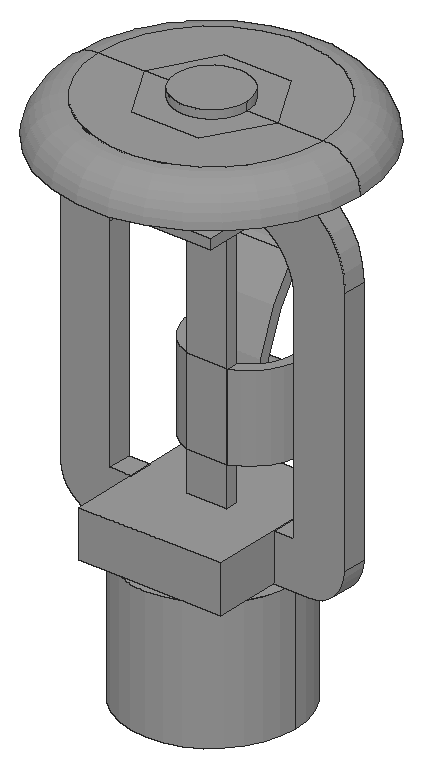
Revit family
Parameters (values of type "RASCO G UPRIGHT")
  Temperature Rating = 212 °F
  Response = (empty or 0)
  RASCO SIN # = "R1023"
  RASCO Part # = "GU27B"
  Pressure Rating = "175 PSI"
  Pressure Class = (empty or 0)
  Orifice Size = 7/16"
  Orifice = (empty or 0)
  Model = "G"
  Manufacturer = "RASCO"
  K-Factor = 4.24
  Description = "Brz. Finish"
  Coverage = (empty or 0)
Reference planes (in)
  plane 1 "Center (Front/Back)": y = 0
  plane 2: z = 0
  plane 3 "Center (Left/Right)": x = 0
Dimensions and locks (in)
  aligned and locked: plane 2 to level
Nested families (in)
  nested 1: "GU27B" at (0, 0, 0), type "RASCO G UPRIGHT"
Connectors (in)
  piping at (0, 0, 0)
    settings: on nested 1, index 1, connector radius 0.45", flow factor 0, pipe flow 0 GPM, pressure drop 0.00 psi, fitting loss kfactor 0, connector angle 0.00°, fixture units 0, flow configuration 0, flow direction 0, fitting loss method 0, system type 7, connector reference index -1, connector utility 0, adjustable connector no, is connector primary yes, fitting loss table "", connector description ""
Definition of nested family "GU27B"
  Parameters (values of type "RASCO G UPRIGHT")
    Type Comments = ""
    Temperature Rating = 0 °F
    Response = (empty or 0)
    Pressure Rating = "0"
    Pressure Class = (empty or 0)
    Orifice Size = 0"
    Orifice = (empty or 0)
    Model = ""
    Manufacturer = ""
    K-Factor = 0
    Description = ""
    Coverage = (empty or 0)
    Assembly Code = ""
  Reference planes (in)
    plane 1 "Center (Front/Back)": y = 0
    plane 2: z = 0
    plane 3 "ref.2": z = 0.6875
    plane 4 "ref.3": z = 0.9375
    plane 5: x = -0.38065
    plane 6: x = 0.36935
    plane 7 "ref. side 1": y = 0.06402
    plane 8 "ref. side 2": y = -0.06098
    plane 9 "ref.4": z = 1.875
    plane 10 "ref.5": z = 2.875
    plane 11 "center": x = -0.00574
  Forms (in)
    Extrusion 1, solid, material "Default"
      sketch origin (0, 0, 0) x (1, 0, 0) y (0, 1, 0)
        loop
          circle (0, 0) r 0.438
      from 0 to 0.6875
    Extrusion 2, solid, material "Default"
      sketch origin (-0.12185, 0.05177, 0.6875) x (1, 0, 0) y (0, 1, 0)
        loop
          line (-0.2588, 0.356) -> (-0.2588, -0.4565) -> (0.4912, -0.4565) -> (0.4912, 0.356) -> (-0.2588, 0.356)
      from 0 to 0.25
    Extrusion 3, solid, material "Default"
      sketch origin (0, 0, 0) x (1, 0, 0) y (0, 0, 1)
        loop
          line (-0.49248, 0.9375) -> (-0.49248, 2.10276)
          arc (-0.49248, 2.10276) -> (-0.40724, 2.30855) -> (-0.20145, 2.39379) r 0.29103
          line (-0.20145, 2.39379) -> (0.18108, 2.39379)
          arc (0.18108, 2.39379) -> (0.38905, 2.30765) -> (0.47519, 2.09969) r 0.29411
          line (0.47519, 2.09969) -> (0.47519, 0.9375) -> (0.36935, 0.9375) -> (0.36935, 0.6875) -> (0.55741, 0.6875)
          arc (0.55741, 0.6875) -> (0.69165, 0.7431) -> (0.74725, 0.87734) r 0.18984
          line (0.74725, 0.87734) -> (0.74725, 2.19113)
          arc (0.74725, 2.19113) -> (0.61669, 2.50631) -> (0.3015, 2.63687) r 0.44574
          line (0.3015, 2.63687) -> (-0.30719, 2.63687)
          arc (-0.30719, 2.63687) -> (-0.62225, 2.50637) -> (-0.75275, 2.19131) r 0.44556
          line (-0.75275, 2.19131) -> (-0.75275, 0.87876)
          arc (-0.75275, 0.87876) -> (-0.69673, 0.74352) -> (-0.56149, 0.6875) r 0.19126
          line (-0.56149, 0.6875) -> (-0.38065, 0.6875) -> (-0.38065, 0.9375) -> (-0.49248, 0.9375)
      from -0.06402 to 0.06098
    Extrusion 4, solid, material "Default"
      sketch origin (-0.00199, 0, 2.4375) x (-1, 0, 0) y (0, -1, 0)
        loop
          circle (0.00574, -0.00152) r 0.1875
      from -0.04371 to 0.4375
    Revolve 5, solid, material "Default"
      sketch origin (-0.0011, 0, 0.30638) x (1, 0, 0) y (0, 0, 1)
        loop
          line (-0.19255, 2.33367) -> (-0.19255, 2.52696) -> (-0.35809, 2.52696) -> (-0.59714, 2.52696)
          arc (-0.59714, 2.52696) -> (-0.73508, 2.47056) -> (-0.79397, 2.33367) r 0.19686
          line (-0.79397, 2.33367) -> (-0.19255, 2.33367)
        axis (-0.00574, 2.33367) -> (-0.00574, 2.52696)
      angle from 0 to 360
    Extrusion 6, solid, material "Default"
      sketch origin (0, 0, 0.9375) x (-1, 0, 0) y (0, -1, 0)
        loop
          line (-0.10175, -0.02852) -> (0.11324, -0.02852) -> (0.11324, 0.03101) -> (-0.10175, 0.03101) -> (-0.10175, -0.02852)
      from 0 to 1.45629
    Extrusion 7, solid, material "Default"
      sketch origin (-0.00574, -0.0095, -0.07537) x (0, 0, -1) y (0, -1, 0)
        loop
          line (-2.39379, 0.21198) -> (-2.39379, -0.229)
          arc (-2.39379, -0.229) -> (-2.26956, -0.41579) -> (-2.04926, -0.37342) r 0.20254
          arc (-2.04926, -0.37342) -> (-1.6599, -0.16721) -> (-1.22163, -0.12207) r 1.15319
          line (-1.22163, -0.12207) -> (-1.22163, -0.07087)
          arc (-1.22163, -0.07087) -> (-1.6782, -0.11947) -> (-2.0834, -0.33544) r 1.20419
          arc (-2.0834, -0.33544) -> (-2.24878, -0.36919) -> (-2.34279, -0.229) r 0.15154
          line (-2.34279, -0.229) -> (-2.34279, 0.21198) -> (-2.39379, 0.21198)
      from -0.17255 to 0.17398
    Extrusion 8, solid, material "Default"
      sketch origin (0, 0, 0) x (1, 0, 0) y (0, 1, 0)
        loop
          arc (0.23993, 0.23051) -> (0.19768, 0.11115) -> (0.10175, 0.02852) r 0.24647
          line (0.10175, 0.02852) -> (-0.11324, 0.02852)
          arc (-0.11324, 0.02852) -> (-0.21767, 0.12447) -> (-0.25194, 0.2621) r 0.24647
          line (-0.25194, 0.2621) -> (-0.25194, 0.40777) -> (-0.30719, 0.40777) -> (-0.30719, 0.25942)
          arc (-0.30719, 0.25942) -> (-0.25653, 0.08328) -> (-0.11324, -0.03101) r 0.30157
          line (-0.11324, -0.03101) -> (0.10175, -0.03101)
          arc (0.10175, -0.03101) -> (0.24461, 0.08262) -> (0.29574, 0.25785) r 0.30157
          line (0.29574, 0.25785) -> (0.29574, 0.40777) -> (0.23993, 0.40777) -> (0.23993, 0.23051)
      from 1.14626 to 1.59756
    Extrusion 9, solid, material "Default"
      sketch origin (-0.00574, -0.0095, -0.07537) x (0, 0, -1) y (0, -1, 0)
        loop
          circle (-1.44728, -0.26892) r 0.13147
      from -0.24568 to 0.24619
  Cuts and joins
    joined: Extrusion 1, Extrusion 2, Revolve 5
  Dimensions and locks (in)
    Revolve 5 sketch curve to Revolve 5 sketch curve = 0.78823"
    plane 10 "ref.5" to level = 2.875"
